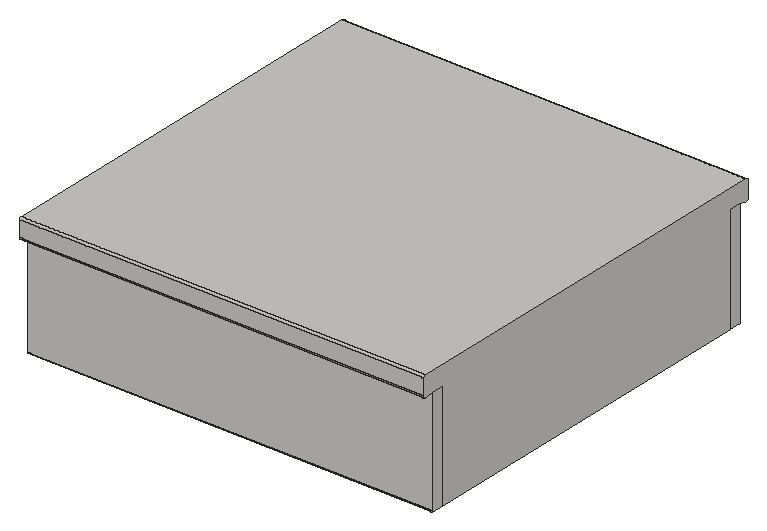
Revit family "QF_ELECTROLUXPROFESSIONAL_588116_MANABAHOOO", category Specialty Equipment, Revit 2023
Family settings
  Round Connector Dimension = Use Diameter
  Part Type = Normal
  Work Plane-Based = No
  Enable Cutting in Views = No
  Always vertical = Yes
  Cut with Voids When Loaded = No
  Maintain Annotation Orientation = No
  Shared = No
  Room Calculation Point = No
Parameters
  Weight in Pounds = 44.09
  Weight = 20.00 kg
  Watts = 0 W
  URL Manufacturer = "http://www.electroluxprofessional.com"
  URL Cutsheet = "www.electrolux.com/professional"
  URL = "http://www.electroluxprofessional.com"
  Type Mark [instance] = ""
  Status [instance] = ""
  Specification by User [instance] = ""
  Specification by Manufacturer = ""
  Serial Number = ""
  Seismic Rating = ""
  SMACNA No = ""
  Revision Code [instance] = ""
  Omniclass Number and Title = ""
  NAFEM Spec ID Number = ""
  Model = "MANABAHOOO"
  Masterspec = ""
  Manufacturer = "Electrolux Professional"
  Length Actual = 800.00 mm
  Item Number [instance] = "588116"
  Installed By [instance] = ""
  Identify Quantity as Lot [instance] = yes
  Height Actual = 250.00 mm
  HP = "0 HP"
  Gas KW = 0
  Furnished By [instance] = ""
  Foodservice Equipment Identifier [instance] = yes
  Direct Waste Size = 0"
  Description = "WORK TOP,CLOSED,1-SIDE,800X800X250H"
  Depth Actual = 800.00 mm
  Default Elevation = 0.00 mm
  CSI MasterFormat = ""
  CSI Master Format = ""
  Accessory = no
Reference planes
  plane 1 "BACK": y = 0
  plane 2: z = 0
  plane 3 "LEFT": x = 0
  plane 4 "RIGHT": x = 800
  plane 5 "FRONT": y = -800
  plane 6 "TOP": z = 250
  plane 7 "Center Y": x = 400
  plane 8 "Center X": y = -400
Forms (mm)
  Extrusion 1, solid, material "QF_Finishes_Stainless Steel"
    sketch origin (0, 50.048, 0) x (0, 1, 0) y (0, 0, 1)
      loop
        line (-95.048, 213) -> (-71.412, 213) -> (-54.743, 210.061)
        arc (-54.743, 210.061) -> (-51.477, 210.936) -> (-50.048, 214) r 4
        line (-50.048, 214) -> (-50.048, 246)
        arc (-50.048, 246) -> (-51.22, 248.828) -> (-54.048, 250) r 4
        line (-54.048, 250) -> (-846.048, 250)
        arc (-846.048, 250) -> (-848.877, 248.828) -> (-850.048, 246) r 4
        line (-850.048, 246) -> (-850.048, 214)
        arc (-850.048, 214) -> (-848.619, 210.936) -> (-845.353, 210.061) r 4
        line (-845.353, 210.061) -> (-828.509, 213) -> (-805.048, 213) -> (-805.048, 0) -> (-95.048, 0) -> (-95.048, 213)
    from 0 to 800
  Extrusion 2, solid, material "QF_Finishes_Stainless Steel"
    sketch origin (0, 50.048, 0) x (0, 1, 0) y (0, 0, 1)
      loop
        arc (-828.048, 213) -> (-829.462, 212.414) -> (-830.048, 211) r 2
        line (-830.048, 211) -> (-830.048, 2)
        arc (-830.048, 2) -> (-829.462, 0.586) -> (-828.048, 0) r 2
        line (-828.048, 0) -> (-805.048, 0) -> (-805.048, 213) -> (-828.048, 213)
      loop
        line (-72.048, 213) -> (-95.048, 213) -> (-95.048, 0) -> (-72.048, 0)
        arc (-72.048, 0) -> (-70.634, 0.586) -> (-70.048, 2) r 2
        line (-70.048, 2) -> (-70.048, 211)
        arc (-70.048, 211) -> (-70.634, 212.414) -> (-72.048, 213) r 2
    from 0 to 800
Lines and regions (mm)
  symbolic lines
    curve 1: line (0, 0, 0) -> (800, 0, 0)
    curve 2: line (0, -800, 0) -> (0, 0, 0)
    curve 3: line (800, -800, 0) -> (0, -800, 0)
    curve 4: line (800, 0, 0) -> (800, -800, 0)
Dimensions and locks
  equal spacing: plane 3 "LEFT", plane 7 "Center Y", plane 4 "RIGHT"
  plane 3 "LEFT" to plane 4 "RIGHT" = 800.00 mm
  equal spacing: plane 5 "FRONT", plane 8 "Center X", plane 1 "BACK"
  plane 5 "FRONT" to plane 1 "BACK" = 800.00 mm
  plane 6 "TOP" to level = 250.00 mm
  aligned and locked: level to plane 2
  aligned and locked: Extrusion 1 to plane 4 "RIGHT"
  aligned and locked: Extrusion 2 to plane 4 "RIGHT"
Automatic sketch dimensions
  Extrusion 1 sketch curve to plane 6 "TOP" = 0.00 mm
  Extrusion 1 sketch curve to level = 0.00 mm
  Extrusion 1 sketch curve to plane 6 "TOP" = 36.00 mm
  plane 5 "FRONT" to Extrusion 1 sketch curve = 0.00 mm
  Extrusion 1 sketch curve to plane 6 "TOP" = 39.939 mm
  Extrusion 1 sketch curve to Extrusion 1 sketch curve = 4.00 mm
  Extrusion 1 sketch curve to Extrusion 1 sketch curve = 4.695 mm  (x2)
  Extrusion 1 sketch curve to Extrusion 1 sketch curve = 16.844 mm
  Extrusion 1 sketch curve to plane 5 "FRONT" = 45.00 mm
  plane 1 "BACK" to Extrusion 1 sketch curve = 45.00 mm
  Extrusion 1 sketch curve to Extrusion 1 sketch curve = 23.636 mm
  Extrusion 1 sketch curve to Extrusion 1 sketch curve = 17.364 mm
  Extrusion 1 sketch curve to Extrusion 1 sketch curve = 21.364 mm
  Extrusion 1 sketch curve to Extrusion 1 sketch curve = 0.00 mm  (x2)
  Extrusion 1 sketch curve to Extrusion 1 sketch curve = 0.695 mm
  Extrusion 1 sketch curve to plane 6 "TOP" = 37.00 mm  (x2)
  Extrusion 1 sketch curve to Extrusion 1 sketch curve = 1.00 mm
  Extrusion 2 sketch curve to level = 0.00 mm  (x2)
  level to Extrusion 2 sketch curve = 2.00 mm  (x2)
  Extrusion 2 sketch curve to plane 5 "FRONT" = 20.00 mm
  Extrusion 2 sketch curve to Extrusion 2 sketch curve = 2.00 mm
  Extrusion 2 sketch curve to Extrusion 2 sketch curve = 23.00 mm
  plane 1 "BACK" to Extrusion 2 sketch curve = 45.00 mm
  plane 1 "BACK" to Extrusion 2 sketch curve = 22.00 mm  (x2)
  Extrusion 2 sketch curve to plane 6 "TOP" = 39.00 mm  (x2)
  curve 3 to plane 3 "LEFT" = 0.00 mm
  curve 3 to plane 4 "RIGHT" = 0.00 mm
  plane 1 "BACK" to curve 2 = 0.00 mm
  curve 4 to plane 5 "FRONT" = 0.00 mm
